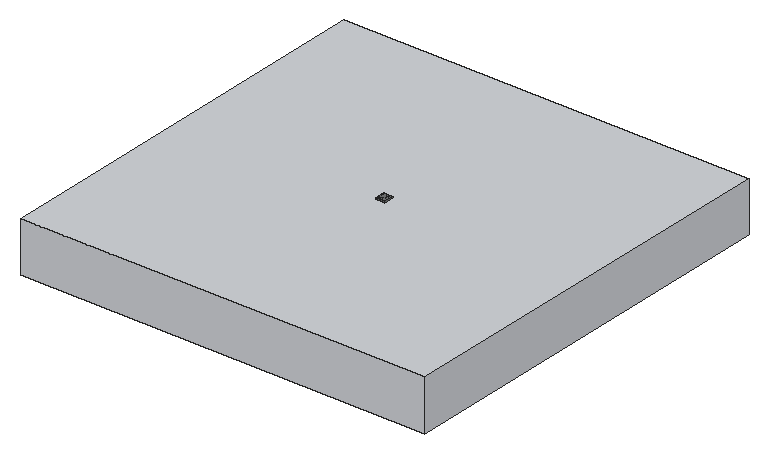
Revit family "Gira_029527", category Elektroinstallationen, Revit 2017
Family settings
  Basisbauteil = Fläche
  Beschriftungsausrichtung beibehalten = Nein
  Bemaßung runder Anschluss = Durchmesser verwenden
  Teiletyp = Normal
  Beim Laden mit Abzugskörper schneiden = Nein
  Gemeinsam genutzt = Nein
  Raumberechnungspunkt = Nein
Parameters
  With label area = no
  With exchangeable lens/symbol = no
  Utilization = "Switch/push button"
  URL = "https://www.gira.de/"
  Typname = "Rocker 2-g System 55 p.white m"
  Type of fastening = "Clamp mounting"
  Surface protection = "Other"
  Surface finishing = "Matt"
  Suitable for touch sensor connector for bus system = yes
  Suitable for degree of protection (IP) = "IP20"
  Scannable symbol / barrier free = no
  RAL-number (akin) = 9010
  Productwebsite = "http://katalog.gira.de/en/datenblatt.html?artikelnr=029527"
  Monitoring window/light outlet = no
  Model = "Two-part rocker"
  Material quality = "Thermoplastic"
  Material = "Plastic"
  Imprint/indication = "Without imprint"
  Hersteller = "Gira"
  Halogen free = yes
  HAN = "029527"
  GTIN = "4010337295273"
  Data sheet = "https://katalog.gira.de/en/download.html?artikelnr=029527"
  Colour = "White"
  Beschreibung = "Rock.2g Sys55 PWm,Rocker, 2-gang,,pure white matt,"
  Keynote = ""
  Default Elevation = 1219.2 mm
  BIM = "https://media.stage.bim.site/public/gira/ad86d9f/Sys55_Abdeckung_Schalten%20und%20Tasten.rfa?public/gira/ad86d9f/Sys55_Abdeckung_Schalten und Tasten.rfa"
  Anthrazit [instance] = Anthrazit
Reference planes
  plane 1 "Center (Front/Back)": y = 0
  plane 2: z = 0
  plane 3 "Center (Left/Right)": x = 0
Forms (mm)
  Extrusion 1, solid
    sketch origin (0, 0, 0) x (1, 0, 0) y (0, 1, 0)
      loop
        line (-1219.2, 1219.2) -> (-1219.2, -1219.2) -> (1219.2, -1219.2) -> (1219.2, 1219.2) -> (-1219.2, 1219.2)
    from 0 to -304.8
  Extrusion 2, solid, material "Anthrazit" <- "Anthrazit", detail levels fine
    sketch origin (0, 0, 0) x (1, 0, 0) y (0, 1, 0)
      loop
        line (-27.5, 27.5) -> (-27.5, -27.5) -> (27.5, -27.5) -> (27.5, 27.5) -> (-27.5, 27.5)
    from 0 to 8
  Extrusion 3, void
    sketch origin (0, 0, 0) x (1, 0, 0) y (0, 1, 0)
      loop
        line (26, 26) -> (-26, 26) -> (-26, -26) -> (26, -26) -> (26, 26)
    from 0 to 6
  Extrusion 4, solid, material "Anthrazit" <- "Anthrazit", detail levels medium
    sketch origin (0, 0, 0) x (1, 0, 0) y (0, 1, 0)
      loop
        line (-27.5, 27.5) -> (-27.5, -27.5) -> (27.5, -27.5) -> (27.5, 27.5) -> (-27.5, 27.5)
    from 0 to 8
  Extrusion 5, solid, material "Anthrazit" <- "Anthrazit", detail levels medium
    sketch origin (0, 0, 0) x (1, 0, 0) y (0, 1, 0)
      loop
        line (11, -17.5) -> (11, 17.5) -> (-11, 17.5) -> (-11, -17.5) -> (11, -17.5)
    from -6 to 6
  Extrusion 6, solid, material "Anthrazit" <- "Anthrazit", detail levels fine
    sketch origin (0, 0, 0) x (1, 0, 0) y (0, 1, 0)
      loop
        line (11, 17.5) -> (-11, 17.5) -> (-11, 16.5) -> (11, 16.5) -> (11, 17.5)
      loop
        line (-11, -16.5) -> (-11, -17.5) -> (11, -17.5) -> (11, -16.5) -> (-11, -16.5)
    from -4 to 6
  Extrusion 7, solid, material "Anthrazit" <- "Anthrazit", detail levels fine
    sketch origin (0, 0, 0) x (1, 0, 0) y (0, 1, 0)
      loop
        arc (5, 9.347) -> (0, 10.6) -> (-5, 9.347) r 10.6
        line (-5, 9.347) -> (-5, -9.347)
        arc (-5, -9.347) -> (0, -10.6) -> (5, -9.347) r 10.6
        line (5, -9.347) -> (5, 9.347)
    from -6 to 6
  Extrusion 8, solid, material "Anthrazit" <- "Anthrazit", detail levels coarse
    sketch origin (0, 0, 0) x (1, 0, 0) y (0, 1, 0)
      loop
        line (-27.5, 27.5) -> (-27.5, -27.5) -> (27.5, -27.5) -> (27.5, 27.5) -> (-27.5, 27.5)
    from -6 to 8
Cuts and joins
  Extrusion 3 cuts Extrusion 2
Dimensions and locks
  aligned and locked: plane 2 to Extrusion 1
  aligned and locked: level to Extrusion 1
